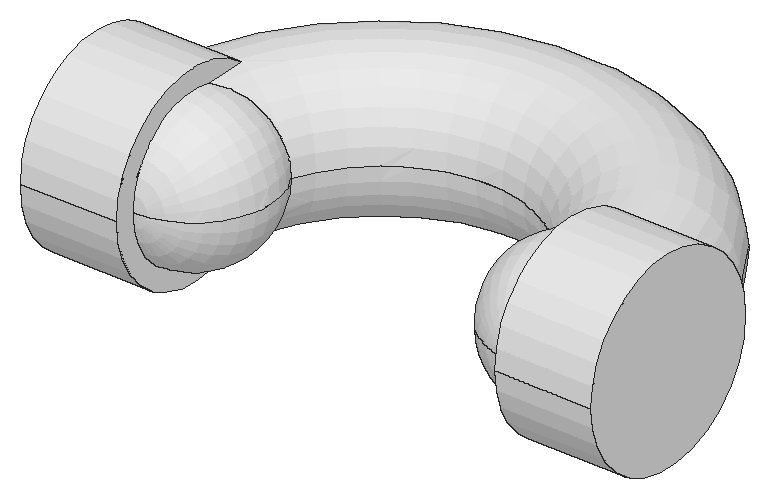
Revit family "BIMLIB_Обвод_РОСТерм", category Соединительные детали трубопроводов, Revit 2017
Family settings
  Размер круглого соединителя = Использовать диаметр
  Тип детали = Соединение
  На основе рабочей плоскости = Нет
  Всегда вертикально = Да
  При загрузке вырезать с полостями = Нет
  Общий = Нет
Parameters
  Описание = "Обвод"  # constant formula
  Изготовитель = "РОСТерм"  # constant formula
  URL = "http://rostherm.ru/"
  РТ_R2_н [instance] = РТ_D2_н / 2  # 11.5 mm
  РТ_R2 [instance] = РТ_DN + РТ_D2_н / 2  # 31.5 mm
  РТ_R [instance] = РТ_DN  # 20 mm
  РТ_L1 [instance] = size_lookup("Наименование", "РТ_L1", 0 mm, РТ_DN)  # 96 mm
  РТ_L [instance] = size_lookup("Наименование", "РТ_L", 0 mm, РТ_DN)  # 86 mm
  РТ_D2_н [instance] = (РТ_L - РТ_DN * 2) / 2  # 23 mm
  РТ_D_н [instance] = size_lookup("Наименование", "РТ_Dн", 0 mm, РТ_DN)  # 29 mm
  РТ_DN [instance] = 20 mm
  BL_Разработано = "support@bimlib.ru"  # constant formula
  BL_Email = "rostherm@bimlib.ru"  # constant formula
  BL_BIM library = "https://bimlib.pro/manufacturer/rosterm/1632/"
  ADSK_Расход жидкости [instance] = 0.0 L/s
  ADSK_Примечание = ""
  ADSK_Позиция = ""
  ADSK_Обозначение = "ГОСТ 32415-2013"  # constant formula
  ADSK_Наименование краткое [instance] = size_lookup("Наименование", "", "-", РТ_DN)  # "Обвод d20"
  ADSK_Наименование [instance] = size_lookup("Наименование", "", "-", РТ_DN)  # "Обвод d20"
  ADSK_Материал = BIMLIB_Белый_РОСТерм
  ADSK_Масса_Текст = ""
  ADSK_Масса = 0
  ADSK_Марка [instance] = ""
  ADSK_Код изделия [instance] = if(РТ_DN = 20 mm, "BS16108", if(РТ_DN = 25 mm, "BS16110", if(РТ_DN = 32 mm, "BK16112", "-")))  # "BS16108"
  ADSK_Завод-изготовитель = "РОСТерм"  # constant formula
  ADSK_Единица измерения = "шт"  # constant formula
  ADSK_Версия Revit = "2017"  # constant formula
  ADSK_URL страницы изделия = "http://rostherm.ru/truby-i-fitingi-iz-polipropilena-pprt/"
  ADSK_URL документации изделия = "http://rostherm.ru/"
  РТ_L2 [instance] = size_lookup("Наименование", "РТ_L2", 0 mm, РТ_DN)  # 14.5 mm
Reference planes
  plane 1 "По центру (Вперед/Назад)": y = 0
  plane 2: z = 0
  plane 3 "По центру (Влево/Вправо)": x = 0
  plane 4: x = -43
  plane 5: x = 43
  plane 6: x = -28.5
  plane 7: x = 28.5
Forms (mm)
  Extrusion 1, solid, material "BIMLIB_Белый_РОСТерм" <- "ADSK_Материал", detail levels medium+fine
    sketch origin (0, 0, 0) x (0, 1, 0) y (0, 0, 1)
      loop
        circle (0, 0) r 14.5
    from -43 to -28.5
  Sweep 2, solid, material "BIMLIB_Белый_РОСТерм" <- "ADSK_Материал", detail levels medium+fine
    path in 3D
      loop
        arc (-20, 0, 0) -> (0, 20, 0) -> (20, 0, 0) r 20
    profile origin (0, 20, 0) x (0, 1, 0) y (0, 0, 1)
      loop
        circle (11.5, 0) r 11.5
  Revolve 3, solid, material "BIMLIB_Белый_РОСТерм" <- "ADSK_Материал", detail levels medium+fine
    sketch origin (0, 0, 0) x (1, 0, 0) y (0, 1, 0)
      loop
        line (-28.5, 11.5) -> (-28.5, -11.5)
        arc (-28.5, -11.5) -> (-17, 0) -> (-28.5, 11.5) r 11.5
      axis (-28.5, -11.5) -> (-28.5, 11.5)
    angle from 0 to 360
  Extrusion 4, solid, material "BIMLIB_Белый_РОСТерм" <- "ADSK_Материал", detail levels medium+fine
    sketch origin (0, 0, 0) x (0, 1, 0) y (0, 0, -1)
      loop
        circle (0, 0) r 14.5
    from -43 to -28.5
  Revolve 5, solid, material "BIMLIB_Белый_РОСТерм" <- "ADSK_Материал", detail levels medium+fine
    sketch origin (0, 0, 0) x (1, 0, 0) y (0, 1, 0)
      loop
        arc (28.5, 11.5) -> (17, 0) -> (28.5, -11.5) r 11.5
        line (28.5, -11.5) -> (28.5, 11.5)
      axis (28.5, -11.5) -> (28.5, 11.5)
    angle from 0 to 360
Cuts and joins
  joined: Extrusion 1, Sweep 2, Revolve 3, Extrusion 4, Revolve 5
Lines and regions (mm)
  reference lines
    curve 1: arc (-20, 0, 0) -> (0, 20, 0) -> (20, 0, 0) r 20
    curve 6: line (-43, 0, 0) -> (43, 0, 0)
  sketch lines
    curve 2: arc (-20, 0, 0) -> (0, 20, 0) -> (20, 0, 0) r 20
  model lines, detail levels coarse
    curve 3: arc (-28.5, 13.976, 0) -> (0, 31.742, 0) -> (28.5, 13.976, 0) r 31.742
    curve 4: arc (43, 0, 0) -> (34.473, 5.663, 0) -> (28.5, 13.976, 0) r 28.472
    curve 5: arc (-28.5, 13.976, 0) -> (-34.232, 5.412, 0) -> (-43, 0, 0) r 24.265
Dimensions and locks
  equal spacing: plane 4, plane 3 "По центру (Влево/Вправо)", plane 5
  "РТ_L": plane 4 to plane 5
  "РТ_L2": plane 4 to plane 6
  "РТ_R2_н": Sweep 2 sketch curve to profile plane
  "РТ_L2": plane 7 to plane 5
  "РТ_R": radius of curve 1
  "РТ_D_н": diameter of Extrusion 1 sketch curve
  "РТ_D2_н": diameter of Sweep 2 sketch curve
  "РТ_R2_н": radius of Revolve 3 sketch curve
  "РТ_D_н": diameter of Extrusion 4 sketch curve
  "РТ_R2_н": radius of Revolve 5 sketch curve
  aligned and locked: level to plane 2
  aligned and locked: plane 1 "По центру (Вперед/Назад)" to curve 1  (x2)
  aligned and locked: plane 3 "По центру (Влево/Вправо)" to curve 1
  aligned and locked: Extrusion 1 to plane 4
  aligned and locked: plane 6 to Extrusion 1
  aligned and locked: profile plane to Sweep 2 sketch curve
  aligned and locked: plane 6 to Revolve 3 sketch curve
  aligned and locked: plane 1 "По центру (Вперед/Назад)" to Revolve 3 sketch curve
  aligned and locked: Revolve 3 sketch curve to plane 6
  aligned and locked: plane 5 to Extrusion 4
  aligned and locked: plane 7 to Extrusion 4
  aligned and locked: plane 1 "По центру (Вперед/Назад)" to Revolve 5 sketch curve
  aligned and locked: plane 7 to Revolve 5 sketch curve  (x3)
  aligned and locked: Revolve 5 sketch curve to Revolve 5 sketch curve
  aligned and locked: plane 3 "По центру (Влево/Вправо)" to curve 3
  aligned and locked: plane 1 "По центру (Вперед/Назад)" to curve 3
  aligned and locked: plane 6 to curve 3
  aligned and locked: plane 7 to curve 3
  aligned and locked: plane 4 to curve 6
  aligned and locked: plane 5 to curve 6
  aligned and locked: plane 1 "По центру (Вперед/Назад)" to curve 6
Automatic sketch dimensions
  plane 1 "По центру (Вперед/Назад)" to curve 5 = 0 mm
  curve 5 to plane 4 = 0 mm
  curve 5 to plane 6 = 0 mm
  curve 4 to plane 7 = 0 mm
  plane 1 "По центру (Вперед/Назад)" to curve 4 = 0 mm
  curve 4 to plane 5 = 0 mm
  curve 5 to plane 4 = 8.071 mm
  Revolve 3 sketch curve to plane 6 = 0 mm
  Revolve 3 sketch curve to Revolve 3 sketch curve = 0 mm  (x2)
  Revolve 5 sketch curve to Revolve 5 sketch curve = 0 mm  (x2)
  Extrusion 1 sketch curve to level = 0 mm
  Extrusion 1 sketch curve to plane 1 "По центру (Вперед/Назад)" = 0 mm
  Extrusion 4 sketch curve to level = 0 mm
  Extrusion 4 sketch curve to plane 1 "По центру (Вперед/Назад)" = 0 mm
Connectors
  piping at (-43, 0, 0), diameter 20, driven by "РТ_DN", driven by "ADSK_Расход жидкости"
    settings: on curve 6, index 1, connector inside diameter 609.6 mm, connector length 0 mm, flow factor 0, pipe flow 0.0 L/s, pressure drop 0.0 Pa, fitting loss kfactor 0, connector angle 0.00°, fixture units 0, engagement length 0 mm, angle of deflection 0.00°, flow configuration 0, flow direction 0, fitting loss method 4, system type 28, joint type 0, gender type 0, connector reference index 2, connector utility 0, adjustable connector yes, is connector primary yes, connector description ""
  piping at (43, 0, 0), diameter 20, driven by "РТ_DN", driven by "ADSK_Расход жидкости"
    settings: on curve 6, index 2, connector inside diameter 609.6 mm, connector length 0 mm, flow factor 0, pipe flow 0.0 L/s, pressure drop 0.0 Pa, fitting loss kfactor 0, connector angle 0.00°, fixture units 0, engagement length 0 mm, angle of deflection 0.00°, flow configuration 0, flow direction 0, fitting loss method 4, system type 28, joint type 0, gender type 0, connector reference index 1, connector utility 0, adjustable connector yes, is connector primary no, connector description ""
